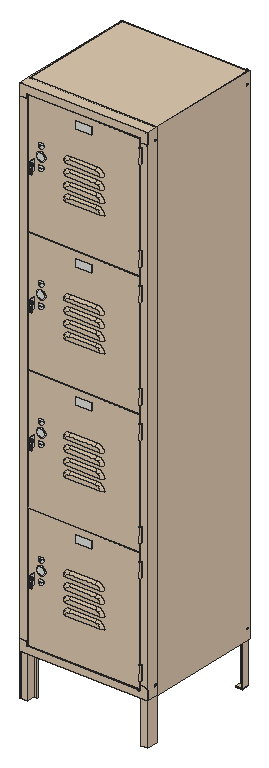
Revit family "Metal_Lockers-Salsbury_Industries-18_54000_Series-1_Wide_Units", category Specialty Equipment, Revit 2016
Family settings
  Part Type = Normal
  Round Connector Dimension = Use Diameter
  OmniClass Number = 23.40.00.00
  OmniClass Title = Equipment and Furnishings
  Work Plane-Based = No
  Always vertical = Yes
  Cut with Voids When Loaded = No
  Shared = No
  Room Calculation Point = No
Parameters (values of type "18-54168 - with Standard 6" High Legs")
  Zee Base Corner - Right Side [instance] = Metal Locker Zee Base Corner : None
  Zee Base Corner - Left Side [instance] = Metal Locker Zee Base Corner : None
  Zee Base - Right Side [instance] = Metal Locker Zee Base-Right Side : None
  Zee Base - Left Side [instance] = Metal Locker Zee Base-Left Side : None
  Zee Base = Metal Locker Zee Base : None
  Width = 18.040"
  Version = "2.0 (02/28/18)"
  Unit Height including Sloping Hood Only [instance] = 82.739"
  Unit Height = 72.000"
  URL = "www.lockers.com"
  Type Comments = "18\" Wide Standard Metal Locker - Four Tier"
  Total Door(s) Height [instance] = 69.81949"
  Sloping Top In-Line Filler - Right Side [instance] = Metal Locker Sloping Top Filler : None
  Sloping Top In-Line Filler - Left Side [instance] = Metal Locker Sloping Top Filler : None
  Sloping Top Corner Filler - Right Side [instance] = Metal Locker Sloping Corner Filler : None
  Sloping Top Corner Filler - Left Side [instance] = Metal Locker Sloping Corner Filler : None
  Sloping Hood Height = if(Depth = 18.010", 10.739", if(Depth = 21.010", 12.796", 0.000"))  # 10.739"
  Sloping Hood [instance] = Metal Locker Sloping Hood : None
  Sloping Corner Filler Offset = if(Base Height = 6.000", 77.680", if(Base Height = 4.000", 75.680", if(Base Height = 0.000", 71.680", 0.000")))  # 77.680"
  Right Side Base [instance] = Metal Locker Right Side Base : None
  Primary Structure Material [instance] = Paint - Salsbury Finish - Tan
  Overall Width including Rivets [instance] = 18.120"
  Unit Height including Base Only [instance] = 78.000"
  Overall Unit Height (including Base and Sloping Hood) [instance] = 88.739"
  OmniClass 23 Title = "Equipment and Furnishings"
  OmniClass 23 Number = "23.40.00.00"
  Model = "18-54168"
  MasterFormat Title = "Lockers"
  MasterFormat Number = "10 51 13"
  Manufacturer = "Salsbury Industries"
  Left Side Base [instance] = Metal Locker Left Side Base : None
  Individual Door Height = 17.360"
  Hasp Plate Rivet Material = Steel -Salsbury Finish - Polished Steel
  Hasp Handle Material = Plastic - Salsbury Finish - Black
  Front Vertical Filler - Right [instance] = Metal Locker Front Filler : None
  Front Vertical Filler - Left [instance] = Metal Locker Front Filler : None
  Front Base [instance] = Metal Locker Front Base : None
  Flat Top In-Line Filler - Right Side [instance] = Metal Locker Flat Top Filler : None
  Flat Top In-Line Filler - Left Side [instance] = Metal Locker Flat Top Filler : None
  Flat Top Corner Filler - Right Side [instance] = Metal Locker Flat Corner Filler : None
  Flat Top Corner Filler - Left Side [instance] = Metal Locker Flat Corner Filler : None
  Individual Door Width [instance] = 15.90055"
  End Panel - Right Side [instance] = Metal Locker End Panel : None
  End Panel - Left Side [instance] = Metal Locker End Panel : None
  Door Location D1 = Metal Locker Doors-18 inch with Latch Hasps : Four Tier Door - 6 foot
  Description = "1 Wide - 6 Feet High - 18 Inches Deep"
  Depth = 18.010"
  Compartment Divider Height = Individual Door Height - 0.375"  # 16.985"
  Base Height = 6.000"
  Standard Leg Base = Metal Locker Legs : 6" High - 18"W x 18"D
  Assembly Code = "C1030310"
Reference planes (in)
  plane 1 "Center (Front/Back)": y = 0
  plane 2: z = 0
  plane 3 "Center (Left/Right)": x = 0
  plane 4 "Floor": z = 0
  plane 5 "Bottom of Unit": z = 6
  plane 6 "Top of Unit": z = 78
  plane 7 "Left Side of Unit": x = -9.02
  plane 8 "Right Side of Unit": x = 9.02
  plane 9 "Back of Unit": y = 9.005
  plane 10 "Front of Unit": y = -9.005
  plane 11 "Top of Sloping Hood": z = 88.739
  plane 12 "Left Rivet": x = -9.06
  plane 13 "Right Rivet": x = 9.06
  plane 14 "Right Side of Door Opening": x = 8.02
  plane 15 "Left Side of Door Opening": x = -8.02
  plane 16 "Top of Door Opening": z = 77
  plane 17 "Bottom of Door Opening": z = 7
  plane 18 "Back Edge of Front Facing": y = -7.417
  plane 19 "Front Plate Plane": y = -9.065
  plane 20 "Horizontal Center of Top Rivets": z = 76.5
  plane 21 "Horiz Center of Bottom Rivets": z = 7.5
  plane 22 "Vertical Center of Back Rivets": y = 8.505
  plane 23 "Vertical Center of Front Rivets": y = -7.755
  plane 24 "Right Align Top Filler Overlap": x = 8.435
  plane 25 "Left Align Top Filler Overlap": x = -8.435
  plane 26 "Corner Filler Align-Left": x = -9.08
  plane 27 "Corner Filler Align-Right": x = 9.08
  plane 28 "Left Side of Door": x = -7.95029
  plane 29 "Right Side of Door": x = 7.95026
  plane 30 "Top of Door 1": z = 76.90976
  plane 31 "Bottom of Bottom Door": z = 7.09027
  plane 32 "Zee Base Offset": x = -8.669
  plane 33: x = 8.669
  plane 34 "Compartment Align 3": z = 24.985
  plane 35: x = -8.96
  plane 36: x = 8.96
  plane 37: x = -8.635
  plane 38: x = 8.635
  plane 39: y = 8.945
  plane 40: y = 8.895
  plane 41: y = 8.145
  plane 42: x = -8.9
  plane 43: x = 8.9
  plane 44: x = -8.095
  plane 45: x = 8.095
  plane 46: z = 77.94
  plane 47: z = 24.925
  plane 48: z = 23.985
  plane 49: z = 6.9204
  plane 50: z = 6.18539
  plane 51: z = 76.40796
  plane 52: z = 7.59204
  plane 53: z = 23.985
  plane 54: z = 24.45027
  plane 55: z = 24.57576
  plane 56: z = 41.93576
  plane 57: z = 42.06276
  plane 58: z = 41.43527
  plane 59: z = 42.37527
  plane 60 "Compartment Align 2": z = 42.43527
  plane 61: z = 53.72076
  plane 62: z = 59.42276
  plane 63: z = 59.54976
  plane 64: z = 58.92076
  plane 65: z = 59.86076
  plane 66 "Compartment Align 1": z = 59.92076
  plane 67: z = 71.20625
Forms (in)
  Sweep 1, solid, material "Paint - Salsbury Finish - Tan" <- "Primary Structure Material"
    path origin (0, -9.005, 0) x (1, 0, 0) y (0, 0, 1)
      loop
        line (-9.02, 78) -> (-9.02, 6) -> (9.02, 6) -> (9.02, 78) -> (-9.02, 78)
    profile origin (0, -9.005, 78) x (0, 0, 1) y (0, -1, 0)
      loop
        line (0, 0) -> (-1, 0) -> (-1, -1.588) -> (0, -1.588) -> (0, 0)
  Extrusion 2, solid, material "Paint - Salsbury Finish - Tan" <- "Primary Structure Material"
    sketch origin (0, 0, 6) x (0, -1, 0) y (1, 0, 0)
      loop
        line (7.417, 9.02) -> (-9.005, 9.02) -> (-9.005, 8.635) -> (-8.945, 8.635) -> (-8.945, 8.96) -> (7.417, 8.96) -> (7.417, 9.02)
    from 0 to 72
  Extrusion 3, solid, material "Paint - Salsbury Finish - Tan" <- "Primary Structure Material"
    sketch origin (0, 0, 6) x (0, -1, 0) y (1, 0, 0)
      loop
        line (7.417, -9.02) -> (7.417, -8.96) -> (-8.945, -8.96) -> (-8.945, -8.635) -> (-9.005, -8.635) -> (-9.005, -9.02) -> (7.417, -9.02)
    from 0 to 72
  Extrusion 4, solid, material "Paint - Salsbury Finish - Tan" <- "Primary Structure Material"
    sketch origin (0, 0, 6) x (0, -1, 0) y (1, 0, 0)
      loop
        line (-8.945, -8.96) -> (-8.145, -8.96) -> (-8.145, -8.9) -> (-8.895, -8.9) -> (-8.895, 8.9) -> (-8.145, 8.9) -> (-8.145, 8.96) -> (-8.945, 8.96) -> (-8.945, -8.96)
    from 0 to 72
  Sweep 5, solid, material "Paint - Salsbury Finish - Tan" <- "Primary Structure Material"
    path origin (0, 0, 7) x (0, -1, 0) y (1, 0, 0)
      loop
        line (7.417, -8.96) -> (7.417, 8.96) -> (-8.145, 8.96) -> (-8.145, 8.9) -> (-8.895, 8.9) -> (-8.895, -8.9) -> (-8.145, -8.9) -> (-8.145, -8.96) -> (7.417, -8.96)
    profile origin (-8.96, 0.364, 7) x (-1, 0, 0) y (0, 0, 1)
      loop
        line (0, -0.81461) -> (0, -0.0796) -> (-0.06, -0.0796) -> (-0.06, -0.81461) -> (0, -0.81461)
  Extrusion 6, solid, material "Paint - Salsbury Finish - Tan" <- "Primary Structure Material"
    sketch origin (0, 0, 7) x (0, -1, 0) y (1, 0, 0)
      loop
        line (-8.895, -8.9) -> (-8.145, -8.9) -> (-8.145, -8.96) -> (7.417, -8.96) -> (7.417, 8.96) -> (-8.145, 8.96) -> (-8.145, 8.9) -> (-8.895, 8.9) -> (-8.895, -8.9)
    from -0.0796 to 0
  Extrusion 7, solid, material "Paint - Salsbury Finish - Tan" <- "Primary Structure Material"
    sketch origin (0, 0, 78) x (0, -1, 0) y (1, 0, 0)
      loop
        line (-8.895, -8.9) -> (-8.145, -8.9) -> (-8.145, -8.96) -> (7.417, -8.96) -> (7.417, 8.96) -> (-8.145, 8.96) -> (-8.145, 8.9) -> (-8.895, 8.9) -> (-8.895, -8.9)
    from -0.06 to 0
  Extrusion 8, solid, material "Paint - Salsbury Finish - Tan" <- "Primary Structure Material"
    sketch origin (0, -9.065, 0) x (0, 0, -1) y (1, 0, 0)
      loop
        line (-78, -9.02) -> (-76.47656, -9.02)
        arc (-76.47656, -9.02) -> (-76.42806, -8.99991) -> (-76.40796, -8.9514) r 0.0686
        line (-76.40796, -8.9514) -> (-76.40796, -8.16351)
        arc (-76.40796, -8.16351) -> (-76.42809, -8.11506) -> (-76.47656, -8.095) r 0.0686
        line (-76.47656, -8.095) -> (-77, -8.095) -> (-77, 8.095) -> (-76.47656, 8.095)
        arc (-76.47656, 8.095) -> (-76.42809, 8.11506) -> (-76.40796, 8.16351) r 0.0686
        line (-76.40796, 8.16351) -> (-76.40796, 8.9514)
        arc (-76.40796, 8.9514) -> (-76.42806, 8.99991) -> (-76.47656, 9.02) r 0.0686
        line (-76.47656, 9.02) -> (-78, 9.02) -> (-78, -9.02)
    from -0.06 to 0
  Extrusion 9, solid, material "Paint - Salsbury Finish - Tan" <- "Primary Structure Material"
    sketch origin (0, -9.065, 84) x (0, 0, 1) y (-1, 0, 0)
      loop
        line (-78, 9.02) -> (-78, -9.02) -> (-76.47656, -9.02)
        arc (-76.47656, -9.02) -> (-76.42806, -8.99991) -> (-76.40796, -8.9514) r 0.0686
        line (-76.40796, -8.9514) -> (-76.40796, -8.16351)
        arc (-76.40796, -8.16351) -> (-76.42809, -8.11506) -> (-76.47656, -8.095) r 0.0686
        line (-76.47656, -8.095) -> (-77, -8.095) -> (-77, 8.095) -> (-76.47656, 8.095)
        arc (-76.47656, 8.095) -> (-76.42809, 8.11506) -> (-76.40796, 8.16351) r 0.0686
        line (-76.40796, 8.16351) -> (-76.40796, 8.9514)
        arc (-76.40796, 8.9514) -> (-76.42806, 8.99991) -> (-76.47656, 9.02) r 0.0686
        line (-76.47656, 9.02) -> (-78, 9.02)
    from -0.06 to 0
  Blend 10, solid, material "Steel -Salsbury Finish - Polished Steel" <- "Hasp Plate Rivet Material"
    base sketch origin (9.02, 0, 0) x (0, 0, -1) y (0, -1, 0)
      loop
        circle (-76.5, 7.755) r 0.187
    top sketch origin (9.02, 0, 0) x (0, 0, -1) y (0, -1, 0)
      loop
        circle (-76.5, 7.755) r 0.05319
    from 0 to -0.04
  Blend 11, solid, material "Steel -Salsbury Finish - Polished Steel" <- "Hasp Plate Rivet Material"
    base sketch origin (9.02, 0, -69) x (0, 0, -1) y (0, -1, 0)
      loop
        circle (-76.5, 7.755) r 0.187
    top sketch origin (9.02, 0, -69) x (0, 0, -1) y (0, -1, 0)
      loop
        circle (-76.5, 7.755) r 0.05319
    from 0 to -0.04
  Blend 12, solid, material "Steel -Salsbury Finish - Polished Steel" <- "Hasp Plate Rivet Material"
    base sketch origin (9.02, 10.26, -69) x (0, 0, -1) y (0, -1, 0)
      loop
        circle (-76.5, 1.755) r 0.187
    top sketch origin (9.02, 10.26, -69) x (0, 0, -1) y (0, -1, 0)
      loop
        circle (-76.5, 1.755) r 0.05319
    from 0 to -0.04
  Blend 13, solid, material "Steel -Salsbury Finish - Polished Steel" <- "Hasp Plate Rivet Material"
    base sketch origin (9.02, 10.26, 0.0043) x (0, 0, -1) y (0, -1, 0)
      loop
        circle (-76.5, 1.755) r 0.187
    top sketch origin (9.02, 10.26, 0.0043) x (0, 0, -1) y (0, -1, 0)
      loop
        circle (-76.5, 1.755) r 0.05319
    from 0 to -0.04
  Blend 14, solid, material "Steel -Salsbury Finish - Polished Steel" <- "Hasp Plate Rivet Material"
    base sketch origin (-6.02, 0, -69) x (0, 0, -1) y (0, 1, 0)
      loop
        circle (-76.5, -7.755) r 0.187
    top sketch origin (-6.02, 0, -69) x (0, 0, -1) y (0, 1, 0)
      loop
        circle (-76.5, -7.755) r 0.05319
    from -3 to -3.04
  Blend 15, solid, material "Steel -Salsbury Finish - Polished Steel" <- "Hasp Plate Rivet Material"
    base sketch origin (-6.02, 10.26, -69) x (0, 0, -1) y (0, 1, 0)
      loop
        circle (-76.5, -1.755) r 0.187
    top sketch origin (-6.02, 10.26, -69) x (0, 0, -1) y (0, 1, 0)
      loop
        circle (-76.5, -1.755) r 0.05319
    from -3 to -3.04
  Blend 16, solid, material "Steel -Salsbury Finish - Polished Steel" <- "Hasp Plate Rivet Material"
    base sketch origin (-6.02, 0, 0) x (0, 0, -1) y (0, 1, 0)
      loop
        circle (-76.5, -7.755) r 0.187
    top sketch origin (-6.02, 0, 0) x (0, 0, -1) y (0, 1, 0)
      loop
        circle (-76.5, -7.755) r 0.05319
    from -3 to -3.04
  Blend 17, solid, material "Steel -Salsbury Finish - Polished Steel" <- "Hasp Plate Rivet Material"
    base sketch origin (-6.02, 10.26, 0.00039) x (0, 0, -1) y (0, 1, 0)
      loop
        circle (-76.5, -1.755) r 0.187
    top sketch origin (-6.02, 10.26, 0.00039) x (0, 0, -1) y (0, 1, 0)
      loop
        circle (-76.5, -1.755) r 0.05319
    from -3 to -3.04
  Extrusion 18, solid, material "Paint - Salsbury Finish - Tan" <- "Primary Structure Material"
    sketch origin (0, 0, 24.985) x (0, -1, 0) y (1, 0, 0)
      loop
        line (-8.895, -8.9) -> (-8.145, -8.9) -> (-8.145, -8.96) -> (7.417, -8.96) -> (7.417, 8.96) -> (-8.145, 8.96) -> (-8.145, 8.9) -> (-8.895, 8.9) -> (-8.895, -8.9)
    from -0.06 to 0
  Sweep 19, solid, material "Paint - Salsbury Finish - Tan" <- "Primary Structure Material"
    path origin (0, 0, 24.985) x (0, -1, 0) y (1, 0, 0)
      loop
        line (7.417, -8.96) -> (7.417, 8.96) -> (-8.145, 8.96) -> (-8.145, 8.9) -> (-8.895, 8.9) -> (-8.895, -8.9) -> (-8.145, -8.9) -> (-8.145, -8.96) -> (7.417, -8.96)
    profile origin (-8.96, 0.364, 24.985) x (-1, 0, 0) y (0, 0, 1)
      loop
        line (0, -1) -> (0, -0.06) -> (-0.06, -0.06) -> (-0.06, -1) -> (0, -1)
  Extrusion 20, solid, material "Paint - Salsbury Finish - Tan" <- "Primary Structure Material"
    sketch origin (0, 0, 54.72076) x (0, -1, 0) y (1, 0, 0)
      loop
        line (-8.895, -8.9) -> (-8.145, -8.9) -> (-8.145, -8.96) -> (7.417, -8.96) -> (7.417, 8.96) -> (-8.145, 8.96) -> (-8.145, 8.9) -> (-8.895, 8.9) -> (-8.895, -8.9)
    from -12.34549 to -12.28549
  Sweep 21, solid, material "Paint - Salsbury Finish - Tan" <- "Primary Structure Material"
    path origin (0, 0, 42.43527) x (0, -1, 0) y (1, 0, 0)
      loop
        line (7.417, -8.96) -> (7.417, 8.96) -> (-8.145, 8.96) -> (-8.145, 8.9) -> (-8.895, 8.9) -> (-8.895, -8.9) -> (-8.145, -8.9) -> (-8.145, -8.96) -> (7.417, -8.96)
    profile origin (-8.96, 0.364, 42.43527) x (-1, 0, 0) y (0, 0, 1)
      loop
        line (0, -1) -> (0, -0.06) -> (-0.06, -0.06) -> (-0.06, -1) -> (0, -1)
  Extrusion 22, solid, material "Paint - Salsbury Finish - Tan" <- "Primary Structure Material"
    sketch origin (0, 0, 59.92076) x (0, -1, 0) y (1, 0, 0)
      loop
        line (-8.895, -8.9) -> (-8.145, -8.9) -> (-8.145, -8.96) -> (7.417, -8.96) -> (7.417, 8.96) -> (-8.145, 8.96) -> (-8.145, 8.9) -> (-8.895, 8.9) -> (-8.895, -8.9)
    from -0.06 to 0
  Sweep 23, solid, material "Paint - Salsbury Finish - Tan" <- "Primary Structure Material"
    path origin (0, 0, 59.92076) x (0, -1, 0) y (1, 0, 0)
      loop
        line (7.417, -8.96) -> (7.417, 8.96) -> (-8.145, 8.96) -> (-8.145, 8.9) -> (-8.895, 8.9) -> (-8.895, -8.9) -> (-8.145, -8.9) -> (-8.145, -8.96) -> (7.417, -8.96)
    profile origin (-8.96, 0.364, 59.92076) x (-1, 0, 0) y (0, 0, 1)
      loop
        line (0, -1) -> (0, -0.06) -> (-0.06, -0.06) -> (-0.06, -1) -> (0, -1)
Lines and regions (in)
  reference lines
    curve 1: line (-32.59242, -9.065, 78) -> (39.15758, -9.065, 78)
  symbolic lines
    curve 2: line (-9.02, 9.005, 78) -> (9.02, 9.005, 78)
    curve 3: line (-9.02, -9.065, 78) -> (-9.02, 9.005, 78)
    curve 4: line (9.02, -9.065, 78) -> (-9.02, -9.065, 78)
    curve 5: line (9.02, 9.005, 78) -> (9.02, -9.065, 78)
    curve 6: line (-9.06, -7.80819, 78) -> (-9.02, -7.94291, 78)
    curve 7: line (-9.02, -7.57792, 78) -> (-9.06, -7.70181, 78)
    curve 8: line (-9.06, -7.80819, 78) -> (-9.06, -7.70181, 78)
    curve 9: line (-9.06, 8.45181, 78) -> (-9.02, 8.3182, 78)
    curve 10: line (-9.06, 8.55819, 78) -> (-9.02, 8.69168, 78)
    curve 11: line (-9.06, 8.55819, 78) -> (-9.06, 8.45181, 78)
    curve 12: line (9.06, 8.55819, 78) -> (9.02, 8.70747, 78)
    curve 13: line (9.06, 8.45181, 78) -> (9.02, 8.3179, 78)
    curve 14: line (9.06, 8.55819, 78) -> (9.06, 8.45181, 78)
    curve 15: line (9.06, -7.70181, 78) -> (9.02, -7.57098, 78)
    curve 16: line (9.06, -7.80819, 78) -> (9.02, -7.94769, 78)
    curve 17: line (9.06, -7.70181, 78) -> (9.06, -7.80819, 78)
Dimensions and locks (in)
  equal spacing: plane 7 "Left Side of Unit", plane 3 "Center (Left/Right)", plane 8 "Right Side of Unit"
  "Width": plane 7 "Left Side of Unit" to plane 8 "Right Side of Unit"
  "Base Height": plane 5 "Bottom of Unit" to plane 4 "Floor"
  "Unit Height": plane 6 "Top of Unit" to plane 5 "Bottom of Unit"
  "Unit Height including Base Only": plane 6 "Top of Unit" to plane 4 "Floor"
  equal spacing: plane 10 "Front of Unit", plane 1 "Center (Front/Back)", plane 9 "Back of Unit"
  "Depth": plane 10 "Front of Unit" to plane 9 "Back of Unit"
  "Sloping Hood Height": plane 11 "Top of Sloping Hood" to plane 6 "Top of Unit"
  "Overall Unit Height (including Base and Sloping Hood)": plane 11 "Top of Sloping Hood" to plane 4 "Floor"
  locked: plane 12 "Left Rivet" to plane 7 "Left Side of Unit" at 0.04
  locked: plane 8 "Right Side of Unit" to plane 13 "Right Rivet" at 0.04
  "Overall Width including Rivets": plane 12 "Left Rivet" to plane 13 "Right Rivet"
  plane 6 "Top of Unit" to plane 16 "Top of Door Opening" to plane 30 "Top of Door 1" to plane 51 = 1.000" locked, 0.09024", 0.5018"
  plane 52 to plane 31 "Bottom of Bottom Door" to plane 17 "Bottom of Door Opening" to plane 5 "Bottom of Unit" = 0.50177", 0.09027", 1.000" locked
  plane 7 "Left Side of Unit" to plane 15 "Left Side of Door Opening" to plane 28 "Left Side of Door" = 1.000" locked, 0.06971"
  plane 29 "Right Side of Door" to plane 14 "Right Side of Door Opening" to plane 8 "Right Side of Unit" = 0.06974", 1.000" locked
  plane 19 "Front Plate Plane" to plane 10 "Front of Unit" to plane 18 "Back Edge of Front Facing" = 0.060" locked, 1.588" locked
  "Unit Height including Sloping Hood Only": plane 11 "Top of Sloping Hood" to plane 5 "Bottom of Unit"
  locked: plane 20 "Horizontal Center of Top Rivets" to plane 6 "Top of Unit" at 1.5
  locked: plane 5 "Bottom of Unit" to plane 21 "Horiz Center of Bottom Rivets" at 1.5
  locked: plane 22 "Vertical Center of Back Rivets" to plane 9 "Back of Unit" at 0.5
  locked: plane 10 "Front of Unit" to plane 23 "Vertical Center of Front Rivets" at 1.25
  locked: plane 24 "Right Align Top Filler Overlap" to plane 13 "Right Rivet" at 0.625
  locked: plane 12 "Left Rivet" to plane 25 "Left Align Top Filler Overlap" at 0.625
  locked: plane 8 "Right Side of Unit" to plane 27 "Corner Filler Align-Right" at 0.06
  locked: plane 26 "Corner Filler Align-Left" to plane 7 "Left Side of Unit" at 0.06
  "Individual Door Width": plane 28 "Left Side of Door" to plane 29 "Right Side of Door"
  "Total Door(s) Height": plane 30 "Top of Door 1" to plane 31 "Bottom of Bottom Door"
  plane 7 "Left Side of Unit" to plane 32 "Zee Base Offset" = 0.351"
  plane 33 to plane 8 "Right Side of Unit" = 0.351"
  plane 34 "Compartment Align 3" to plane 47 to plane 53 = 0.060" locked, 0.940" locked
  plane 7 "Left Side of Unit" to plane 35 to plane 42 to plane 37 = 0.060" locked, 0.060" locked, 0.265" locked
  plane 38 to plane 43 to plane 36 to plane 8 "Right Side of Unit" = 0.265" locked, 0.060", 0.060"
  plane 41 to plane 40 to plane 39 to plane 9 "Back of Unit" = 0.750" locked, 0.050", 0.060"
  locked: plane 7 "Left Side of Unit" to plane 44 at 0.925
  locked: plane 45 to plane 8 "Right Side of Unit" at 0.925
  locked: plane 6 "Top of Unit" to plane 46 at 0.06
  plane 47 to plane 48 = 0.940"
  locked: plane 17 "Bottom of Door Opening" to plane 49 at 0.0796
  plane 49 to plane 50 = 0.73501"
  "Compartment Divider Height": plane 53 to plane 17 "Bottom of Door Opening"
  "Individual Door Height": plane 54 to plane 31 "Bottom of Bottom Door"
  locked: plane 55 to plane 54 at 0.12549
  locked: plane 57 to plane 56 at 0.127
  "Individual Door Height": plane 56 to plane 55
  plane 60 "Compartment Align 2" to plane 59 to plane 58 = 0.060" locked, 0.940" locked
  locked: plane 63 to plane 62 at 0.127
  "Individual Door Height": plane 62 to plane 57
  "Compartment Divider Height": plane 58 to plane 54
  "Compartment Divider Height": plane 64 to plane 56
  plane 66 "Compartment Align 1" to plane 65 to plane 64 = 0.060", 0.940"
  aligned and locked: level to plane 2
  aligned and locked: Extrusion 2 to plane 6 "Top of Unit"
  aligned and locked: Extrusion 3 to plane 6 "Top of Unit"
  aligned and locked: Extrusion 4 to plane 6 "Top of Unit"
  aligned and locked: Extrusion 8 to plane 10 "Front of Unit"
  aligned and locked: Extrusion 9 to plane 10 "Front of Unit"
  aligned and locked: Extrusion 6 to plane 17 "Bottom of Door Opening"
  aligned and locked: plane 4 "Floor" to nested 2
  aligned and locked: plane 5 "Bottom of Unit" to Extrusion 9
  aligned and locked: plane 8 "Right Side of Unit" to nested 6
  aligned and locked: plane 7 "Left Side of Unit" to nested 7
  aligned and locked: Blend 10 to plane 13 "Right Rivet"
  aligned and locked: plane 8 "Right Side of Unit" to Blend 10
  aligned and locked: Blend 15 to plane 7 "Left Side of Unit"
  aligned and locked: Blend 14 to plane 7 "Left Side of Unit"  (x2)
  aligned and locked: plane 12 "Left Rivet" to Blend 14
  aligned and locked: plane 12 "Left Rivet" to Blend 15
  aligned and locked: Blend 14 to plane 12 "Left Rivet"
  aligned and locked: Blend 17 to plane 7 "Left Side of Unit"
  aligned and locked: plane 12 "Left Rivet" to Blend 17
  aligned and locked: Blend 16 to plane 7 "Left Side of Unit"
  aligned and locked: plane 12 "Left Rivet" to Blend 16
  aligned and locked: plane 5 "Bottom of Unit" to nested 10
  aligned and locked: plane 13 "Right Rivet" to nested 10
  aligned and locked: plane 12 "Left Rivet" to nested 11
  aligned and locked: nested 11 to plane 10 "Front of Unit"
  aligned and locked: plane 13 "Right Rivet" to nested 12
  aligned and locked: plane 10 "Front of Unit" to nested 12
  aligned and locked: plane 6 "Top of Unit" to nested 12
  aligned and locked: plane 12 "Left Rivet" to nested 13
  aligned and locked: plane 10 "Front of Unit" to nested 13
  aligned and locked: plane 6 "Top of Unit" to nested 13
  aligned and locked: plane 6 "Top of Unit" to nested 14
  aligned and locked: nested 14 to plane 19 "Front Plate Plane"
  aligned and locked: nested 14 to plane 24 "Right Align Top Filler Overlap"
  aligned and locked: nested 15 to plane 25 "Left Align Top Filler Overlap"
  aligned and locked: nested 15 to plane 19 "Front Plate Plane"
  aligned and locked: nested 10 to nested 15
  aligned and locked: plane 19 "Front Plate Plane" to nested 16
  aligned and locked: plane 6 "Top of Unit" to nested 16
  aligned and locked: nested 17 to plane 6 "Top of Unit"
  aligned and locked: nested 17 to plane 19 "Front Plate Plane"
  aligned and locked: plane 19 "Front Plate Plane" to nested 18
  aligned and locked: nested 19 to plane 24 "Right Align Top Filler Overlap"
  aligned and locked: nested 19 to plane 19 "Front Plate Plane"
  aligned and locked: plane 16 "Top of Door Opening" to nested 19
  aligned and locked: nested 20 to plane 16 "Top of Door Opening"
  aligned and locked: nested 20 to plane 25 "Left Align Top Filler Overlap"
  aligned and locked: nested 20 to plane 19 "Front Plate Plane"
  aligned and locked: nested 11 to plane 6 "Top of Unit"
  aligned and locked: plane 10 "Front of Unit" to nested 10
  aligned and locked: plane 10 "Front of Unit" to nested 22
  aligned and locked: plane 10 "Front of Unit" to nested 1
  aligned and locked: plane 10 "Front of Unit" to nested 2
  aligned and locked: plane 6 "Top of Unit" to nested 18
  aligned and locked: plane 7 "Left Side of Unit" to nested 17
  aligned and locked: plane 32 "Zee Base Offset" to nested 9
  aligned and locked: plane 18 "Back Edge of Front Facing" to nested 9
  aligned and locked: nested 8 to plane 18 "Back Edge of Front Facing"
  aligned and locked: plane 33 to nested 8
  aligned and locked: Sweep 19 sketch curve to Extrusion 18
  aligned and locked: plane 7 "Left Side of Unit" to Extrusion 3
  aligned and locked: Extrusion 3 to plane 9 "Back of Unit"
  aligned and locked: Extrusion 2 to plane 8 "Right Side of Unit"
  aligned and locked: Extrusion 2 to plane 9 "Back of Unit"
  aligned and locked: plane 18 "Back Edge of Front Facing" to Extrusion 3
  aligned and locked: plane 18 "Back Edge of Front Facing" to Extrusion 2
  aligned and locked: plane 35 to Extrusion 3
  aligned and locked: Extrusion 2 to plane 36
  aligned and locked: plane 37 to Extrusion 3
  aligned and locked: Extrusion 2 to plane 38
  aligned and locked: Extrusion 3 to plane 39
  aligned and locked: plane 39 to Extrusion 2
  aligned and locked: Extrusion 4 to plane 39
  aligned and locked: Extrusion 4 to plane 40
  aligned and locked: Extrusion 4 to plane 35
  aligned and locked: Extrusion 4 to plane 41
  aligned and locked: plane 41 to Extrusion 4
  aligned and locked: plane 42 to Extrusion 4
  aligned and locked: plane 43 to Extrusion 4
  aligned and locked: Extrusion 7 to plane 40
  aligned and locked: plane 42 to Extrusion 7
  aligned and locked: Extrusion 7 to plane 35  (x2)
  aligned and locked: plane 41 to Extrusion 7
  aligned and locked: Extrusion 7 to plane 43
  aligned and locked: Extrusion 7 to plane 41
  aligned and locked: Extrusion 7 to plane 36  (x2)
  aligned and locked: plane 18 "Back Edge of Front Facing" to Extrusion 7
  aligned and locked: plane 18 "Back Edge of Front Facing" to Extrusion 6
  aligned and locked: Extrusion 6 to plane 40
  aligned and locked: Extrusion 6 to plane 43
  aligned and locked: Extrusion 6 to plane 41
  aligned and locked: Extrusion 6 to plane 36
  aligned and locked: plane 42 to Extrusion 6
  aligned and locked: plane 41 to Extrusion 6
  aligned and locked: Extrusion 6 to plane 35
  aligned and locked: Sweep 5 to plane 40
  aligned and locked: Sweep 5 to plane 41
  aligned and locked: Sweep 5 to plane 43
  aligned and locked: Sweep 5 to plane 36
  aligned and locked: plane 18 "Back Edge of Front Facing" to Sweep 5
  aligned and locked: Sweep 5 to plane 35
  aligned and locked: plane 41 to Sweep 5
  aligned and locked: plane 42 to Sweep 5
  aligned and locked: Sweep 5 sketch curve to plane 42
  aligned and locked: Sweep 5 sketch curve to plane 40
  aligned and locked: Sweep 5 sketch curve to plane 41
  aligned and locked: Sweep 5 sketch curve to plane 35  (x2)
  aligned and locked: plane 43 to Sweep 5 sketch curve
  aligned and locked: plane 41 to Sweep 5 sketch curve
  aligned and locked: Sweep 5 sketch curve to plane 36
  aligned and locked: Sweep 5 sketch curve to plane 18 "Back Edge of Front Facing"
  aligned and locked: Extrusion 18 to plane 40
  aligned and locked: Extrusion 18 to plane 43
  aligned and locked: Extrusion 18 to plane 41
  aligned and locked: Extrusion 18 to plane 36
  aligned and locked: plane 18 "Back Edge of Front Facing" to Extrusion 18
  aligned and locked: Extrusion 18 to plane 35
  aligned and locked: plane 41 to Extrusion 18
  aligned and locked: plane 42 to Extrusion 18
  aligned and locked: Sweep 19 sketch curve to plane 40
  aligned and locked: plane 43 to Sweep 19 sketch curve
  aligned and locked: plane 41 to Sweep 19 sketch curve
  aligned and locked: Sweep 19 sketch curve to plane 36
  aligned and locked: Sweep 19 sketch curve to plane 18 "Back Edge of Front Facing"
  aligned and locked: Sweep 19 sketch curve to plane 35  (x2)
  aligned and locked: Sweep 19 sketch curve to plane 41
  aligned and locked: Sweep 19 sketch curve to plane 42
  aligned and locked: plane 6 "Top of Unit" to Sweep 1 sketch curve  (x2)
  aligned and locked: Sweep 1 sketch curve to plane 7 "Left Side of Unit"
  aligned and locked: plane 8 "Right Side of Unit" to Sweep 1 sketch curve
  aligned and locked: Sweep 1 sketch curve to plane 5 "Bottom of Unit"
  aligned and locked: plane 10 "Front of Unit" to Sweep 1
  aligned and locked: Extrusion 8 to plane 19 "Front Plate Plane"
  aligned and locked: plane 10 "Front of Unit" to Extrusion 8
  aligned and locked: Extrusion 8 to plane 8 "Right Side of Unit"
  aligned and locked: plane 7 "Left Side of Unit" to Extrusion 8
  aligned and locked: plane 7 "Left Side of Unit" to Extrusion 9
  aligned and locked: plane 19 "Front Plate Plane" to Extrusion 9
  aligned and locked: Extrusion 9 to plane 8 "Right Side of Unit"
  aligned and locked: plane 44 to Extrusion 9
  aligned and locked: plane 45 to Extrusion 9
  aligned and locked: plane 45 to Extrusion 8
  aligned and locked: Extrusion 8 to plane 44
  aligned and locked: plane 29 "Right Side of Door" to nested 22
  aligned and locked: plane 18 "Back Edge of Front Facing" to Sweep 1 sketch curve
  aligned and locked: Sweep 1 sketch curve to plane 16 "Top of Door Opening"
  aligned and locked: Sweep 1 sketch curve to plane 10 "Front of Unit"
  aligned and locked: plane 5 "Bottom of Unit" to Extrusion 4
  aligned and locked: plane 36 to Extrusion 4
  aligned and locked: plane 5 "Bottom of Unit" to Extrusion 3
  aligned and locked: plane 5 "Bottom of Unit" to Extrusion 2
  aligned and locked: Extrusion 7 to plane 6 "Top of Unit"
  aligned and locked: plane 46 to Extrusion 7
  aligned and locked: Extrusion 18 to plane 34 "Compartment Align 3"
  aligned and locked: plane 47 to Extrusion 18
  aligned and locked: plane 42 to Sweep 19 sketch curve
  aligned and locked: plane 48 to Sweep 19 sketch curve
  aligned and locked: plane 49 to Extrusion 6
  aligned and locked: Sweep 5 to plane 49
  aligned and locked: Sweep 5 sketch curve to plane 50
  aligned and locked: plane 49 to Sweep 5 sketch curve
  aligned and locked: plane 42 to Sweep 5 sketch curve
  aligned and locked: plane 51 to Extrusion 8  (x2)
  aligned and locked: Extrusion 8 to plane 6 "Top of Unit"
  aligned and locked: plane 16 "Top of Door Opening" to Extrusion 8
  aligned and locked: Extrusion 9 to plane 17 "Bottom of Door Opening"
  aligned and locked: plane 52 to Extrusion 9
  aligned and locked: Extrusion 9 to plane 52
  aligned and locked: plane 4 "Floor" to nested 1
  aligned and locked: plane 8 "Right Side of Unit" to nested 1
  aligned and locked: Blend 12 to plane 13 "Right Rivet"
  aligned and locked: plane 8 "Right Side of Unit" to Blend 12
  aligned and locked: plane 8 "Right Side of Unit" to Blend 13
  aligned and locked: Blend 13 to plane 13 "Right Rivet"
  aligned and locked: plane 8 "Right Side of Unit" to Blend 11
  aligned and locked: Blend 11 to plane 13 "Right Rivet"
  aligned and locked: curve 4 to Extrusion 8
  aligned and locked: curve 5 to Extrusion 8
  aligned and locked: curve 8 to Blend 14
  aligned and locked: curve 11 to Blend 15
  aligned and locked: curve 14 to Blend 12
  aligned and locked: curve 17 to Blend 10
  aligned and locked: plane 53 to Sweep 19
  aligned and locked: nested 22 to plane 31 "Bottom of Bottom Door"
  aligned and locked: plane 55 to nested 23
  aligned and locked: plane 10 "Front of Unit" to nested 23
  aligned and locked: plane 29 "Right Side of Door" to nested 23
  aligned and locked: plane 29 "Right Side of Door" to nested 24
  aligned and locked: nested 24 to plane 57
  aligned and locked: Sweep 21 sketch curve to Extrusion 20
  aligned and locked: Extrusion 20 to plane 60 "Compartment Align 2"
  aligned and locked: plane 59 to Sweep 21
  aligned and locked: Sweep 21 sketch curve to plane 58
  aligned and locked: Extrusion 20 sketch curve to plane 40
  aligned and locked: Extrusion 20 sketch curve to plane 35
  aligned and locked: plane 42 to Extrusion 20 sketch curve
  aligned and locked: plane 41 to Extrusion 20 sketch curve
  aligned and locked: plane 18 "Back Edge of Front Facing" to Extrusion 20 sketch curve
  aligned and locked: Extrusion 20 sketch curve to plane 36
  aligned and locked: Extrusion 20 sketch curve to plane 43
  aligned and locked: Extrusion 20 sketch curve to plane 41
  aligned and locked: Sweep 21 sketch curve to plane 40
  aligned and locked: Sweep 21 sketch curve to plane 42
  aligned and locked: Sweep 21 sketch curve to plane 35
  aligned and locked: Sweep 21 sketch curve to plane 41
  aligned and locked: Sweep 21 sketch curve to plane 18 "Back Edge of Front Facing"
  aligned and locked: Sweep 21 sketch curve to plane 36
  aligned and locked: plane 41 to Sweep 21 sketch curve
  aligned and locked: plane 43 to Sweep 21 sketch curve
  aligned and locked: plane 63 to nested 25
  aligned and locked: plane 65 to Extrusion 22
  aligned and locked: Extrusion 22 to plane 66 "Compartment Align 1"
  aligned and locked: Sweep 23 sketch curve to plane 64
  aligned and locked: plane 65 to Sweep 23 sketch curve
  aligned and locked: Sweep 23 sketch curve to plane 35
  aligned and locked: Sweep 23 sketch curve to plane 41
  aligned and locked: Sweep 23 sketch curve to plane 42
  aligned and locked: Sweep 23 sketch curve to plane 40
  aligned and locked: plane 43 to Sweep 23 sketch curve
  aligned and locked: plane 41 to Sweep 23 sketch curve
  aligned and locked: Sweep 23 sketch curve to plane 36
  aligned and locked: Sweep 23 sketch curve to plane 18 "Back Edge of Front Facing"
  aligned and locked: Extrusion 22 to nested 5  (x2)
  aligned and locked: plane 41 to Extrusion 22
  aligned and locked: Extrusion 22 to Sweep 23  (x2)
  aligned and locked: plane 18 "Back Edge of Front Facing" to Extrusion 22
  aligned and locked: Extrusion 22 to plane 41
  aligned and locked: plane 29 "Right Side of Door" to nested 25
  aligned and locked: plane 10 "Front of Unit" to nested 25
  aligned and locked: plane 10 "Front of Unit" to nested 24
  aligned and locked: plane 9 "Back of Unit" to curve 2
  aligned and locked: plane 14 "Right Side of Door Opening" to nested 2
  aligned and locked: plane 8 "Right Side of Unit" to nested 16
  aligned and locked: nested 3 to plane 8 "Right Side of Unit"
  aligned and locked: plane 7 "Left Side of Unit" to nested 4
  aligned and locked: nested 21 to plane 7 "Left Side of Unit"
  aligned and locked: plane 8 "Right Side of Unit" to nested 26
Automatic sketch dimensions
  Extrusion 2 sketch curve to plane 8 "Right Side of Unit" = 0.000"
  plane 9 "Back of Unit" to Extrusion 2 sketch curve = 0.000"
  Extrusion 2 sketch curve to plane 38 = 0.000"
  plane 39 to Extrusion 2 sketch curve = 0.000"
  plane 18 "Back Edge of Front Facing" to Extrusion 2 sketch curve = 0.000"
  Extrusion 2 sketch curve to plane 36 = 0.000"
  Extrusion 3 sketch curve to plane 7 "Left Side of Unit" = 0.000"
  plane 9 "Back of Unit" to Extrusion 3 sketch curve = 0.000"
  Extrusion 3 sketch curve to plane 37 = 0.000"
  plane 39 to Extrusion 3 sketch curve = 0.000"
  plane 18 "Back Edge of Front Facing" to Extrusion 3 sketch curve = 0.000"
  Extrusion 3 sketch curve to plane 35 = 0.000"
  Extrusion 4 sketch curve to plane 35 = 0.000"
  plane 39 to Extrusion 4 sketch curve = 0.000"
  plane 40 to Extrusion 4 sketch curve = 0.000"
  plane 41 to Extrusion 4 sketch curve = 0.000"  (x2)
  Extrusion 4 sketch curve to plane 42 = 0.000"
  Extrusion 4 sketch curve to plane 43 = 0.000"
  Extrusion 4 sketch curve to plane 36 = 0.000"
  plane 40 to Extrusion 6 sketch curve = 0.000"
  Extrusion 6 sketch curve to plane 35 = 0.000"
  plane 41 to Extrusion 6 sketch curve = 0.000"  (x2)
  plane 18 "Back Edge of Front Facing" to Extrusion 6 sketch curve = 0.000"
  Extrusion 6 sketch curve to plane 42 = 0.000"
  Extrusion 6 sketch curve to plane 43 = 0.000"
  Extrusion 6 sketch curve to plane 36 = 0.000"
  plane 40 to Extrusion 7 sketch curve = 0.000"
  Extrusion 7 sketch curve to plane 35 = 0.000"
  plane 41 to Extrusion 7 sketch curve = 0.000"  (x2)
  plane 18 "Back Edge of Front Facing" to Extrusion 7 sketch curve = 0.000"
  Extrusion 7 sketch curve to plane 42 = 0.000"
  Extrusion 7 sketch curve to plane 43 = 0.000"
  Extrusion 7 sketch curve to plane 36 = 0.000"
  Extrusion 8 sketch curve to plane 6 "Top of Unit" = 0.000"
  Extrusion 8 sketch curve to plane 16 "Top of Door Opening" = 0.000"
  plane 44 to Extrusion 8 sketch curve = 0.000"
  plane 7 "Left Side of Unit" to Extrusion 8 sketch curve = 0.000"
  plane 45 to Extrusion 8 sketch curve = 0.000"
  plane 8 "Right Side of Unit" to Extrusion 8 sketch curve = 0.000"
  Extrusion 8 sketch curve to plane 51 = 0.000"  (x2)
  plane 20 "Horizontal Center of Top Rivets" to Extrusion 8 sketch curve = 0.02344"  (x4)
  Extrusion 8 sketch curve to Extrusion 8 sketch curve = 0.0686"
  Extrusion 8 sketch curve to plane 45 = 0.06851"
  Extrusion 9 sketch curve to plane 5 "Bottom of Unit" = 0.000"
  Extrusion 9 sketch curve to plane 17 "Bottom of Door Opening" = 0.000"
  plane 44 to Extrusion 9 sketch curve = 0.000"
  plane 7 "Left Side of Unit" to Extrusion 9 sketch curve = 0.000"
  plane 45 to Extrusion 9 sketch curve = 0.000"
  plane 8 "Right Side of Unit" to Extrusion 9 sketch curve = 0.000"
  Extrusion 9 sketch curve to plane 52 = 0.000"  (x2)
  plane 21 "Horiz Center of Bottom Rivets" to Extrusion 9 sketch curve = 0.02344"  (x4)
  Extrusion 9 sketch curve to Extrusion 9 sketch curve = 0.0686"
  plane 45 to Extrusion 9 sketch curve = 0.06851"
  plane 20 "Horizontal Center of Top Rivets" to Blend 10 sketch curve = 0.000"  (x2)
  Blend 10 sketch curve to plane 23 "Vertical Center of Front Rivets" = 0.000"  (x2)
  plane 21 "Horiz Center of Bottom Rivets" to Blend 11 sketch curve = 0.000"  (x2)
  Blend 11 sketch curve to plane 23 "Vertical Center of Front Rivets" = 0.000"  (x2)
  plane 21 "Horiz Center of Bottom Rivets" to Blend 12 sketch curve = 0.000"  (x2)
  Blend 12 sketch curve to plane 22 "Vertical Center of Back Rivets" = 0.000"  (x2)
  Blend 13 sketch curve to plane 22 "Vertical Center of Back Rivets" = 0.000"  (x2)
  Blend 13 sketch curve to plane 20 "Horizontal Center of Top Rivets" = 0.0043"  (x2)
  plane 21 "Horiz Center of Bottom Rivets" to Blend 14 sketch curve = 0.000"  (x2)
  Blend 14 sketch curve to plane 23 "Vertical Center of Front Rivets" = 0.000"  (x2)
  plane 21 "Horiz Center of Bottom Rivets" to Blend 15 sketch curve = 0.000"  (x2)
  Blend 15 sketch curve to plane 22 "Vertical Center of Back Rivets" = 0.000"  (x2)
  plane 20 "Horizontal Center of Top Rivets" to Blend 16 sketch curve = 0.000"  (x2)
  Blend 16 sketch curve to plane 23 "Vertical Center of Front Rivets" = 0.000"  (x2)
  Blend 17 sketch curve to plane 22 "Vertical Center of Back Rivets" = 0.000"  (x2)
  Blend 17 sketch curve to plane 20 "Horizontal Center of Top Rivets" = 0.00039"  (x2)
  plane 19 "Front Plate Plane" to curve 1 = 0.000"
  plane 26 "Corner Filler Align-Left" to curve 1 = 23.51242"
  curve 1 to plane 27 "Corner Filler Align-Right" = 30.07758"
  plane 40 to Extrusion 18 sketch curve = 0.000"
  Extrusion 18 sketch curve to plane 35 = 0.000"
  plane 41 to Extrusion 18 sketch curve = 0.000"  (x2)
  plane 18 "Back Edge of Front Facing" to Extrusion 18 sketch curve = 0.000"
  Extrusion 18 sketch curve to plane 42 = 0.000"
  Extrusion 18 sketch curve to plane 43 = 0.000"
  Extrusion 18 sketch curve to plane 36 = 0.000"
  Sweep 21 sketch curve to profile plane = 0.000"
  Sweep 21 sketch curve to Sweep 21 sketch curve = 0.060"
  Sweep 23 sketch curve to profile plane = 0.000"
  Sweep 23 sketch curve to Sweep 23 sketch curve = 0.060"
  plane 40 to Extrusion 22 sketch curve = 0.000"
  Extrusion 22 sketch curve to plane 35 = 0.000"
  plane 41 to Extrusion 22 sketch curve = 0.000"  (x2)
  Extrusion 22 sketch curve to plane 18 "Back Edge of Front Facing" = 0.000"
  Extrusion 22 sketch curve to plane 42 = 0.000"
  plane 43 to Extrusion 22 sketch curve = 0.000"
  plane 36 to Extrusion 22 sketch curve = 0.000"
  curve 10 to plane 7 "Left Side of Unit" = 0.000"
  curve 11 to plane 22 "Vertical Center of Back Rivets" = 0.05319"
  curve 14 to plane 22 "Vertical Center of Back Rivets" = 0.05319"
  plane 22 "Vertical Center of Back Rivets" to curve 9 = 0.05319"
  plane 22 "Vertical Center of Back Rivets" to curve 13 = 0.05319"
  curve 17 to plane 23 "Vertical Center of Front Rivets" = 0.05319"
  curve 8 to plane 23 "Vertical Center of Front Rivets" = 0.05319"
  plane 23 "Vertical Center of Front Rivets" to curve 8 = 0.05319"
  plane 23 "Vertical Center of Front Rivets" to curve 17 = 0.05319"
  curve 12 to curve 12 = 0.14928"
  curve 10 to curve 10 = 0.13349"
  curve 9 to curve 9 = 0.13361"
  curve 13 to curve 13 = 0.13391"
  curve 15 to curve 15 = 0.13083"
  curve 7 to curve 7 = 0.12389"
  curve 6 to curve 6 = 0.13472"
  curve 16 to curve 16 = 0.1395"
  radius of Blend 10 sketch curve = 0.187"
  radius of Blend 10 sketch curve = 0.05319"
  radius of Blend 11 sketch curve = 0.187"
  radius of Blend 11 sketch curve = 0.05319"
  radius of Blend 12 sketch curve = 0.187"
  radius of Blend 12 sketch curve = 0.05319"
  radius of Blend 13 sketch curve = 0.187"
  radius of Blend 13 sketch curve = 0.05319"
  radius of Blend 14 sketch curve = 0.187"
  radius of Blend 14 sketch curve = 0.05319"
  radius of Blend 15 sketch curve = 0.187"
  radius of Blend 15 sketch curve = 0.05319"
  radius of Blend 16 sketch curve = 0.187"
  radius of Blend 16 sketch curve = 0.05319"
  radius of Blend 17 sketch curve = 0.187"
  radius of Blend 17 sketch curve = 0.05319"
Nested families (in)
  nested 1: "Metal Locker Legs" at (0, 0, 0), type <- "Standard Leg Base", type "6" High - 18"W x 18"D"
  nested 2: "Metal Locker Front Base" at (3, -3, 0), type <- "Front Base", type "None"
  nested 3: "Metal Locker Right Side Base" at (3, 0.794, 0), type <- "Right Side Base", type "None"
  nested 4: "Metal Locker Left Side Base" at (-13.79, 0.794, 0), type <- "Left Side Base", type "None"
  nested 5: "Metal Locker Zee Base" at (-3, 3, 0), type <- "Zee Base", type "None"
  nested 6: "Metal Locker Zee Base-Right Side" at (3.03, 0.824, 0), type <- "Zee Base - Right Side", type "None"
  nested 7: "Metal Locker Zee Base-Left Side" at (-11.01, 0.824, 0), type <- "Zee Base - Left Side", type "None"
  nested 8: "Metal Locker Zee Base Corner" at (9.669, -8.417, 0), type <- "Zee Base Corner - Right Side", type "None"
  nested 9: "Metal Locker Zee Base Corner" at (-9.669, -8.417, 0) x (-1, 0, 0) z (0, 0, 1), type <- "Zee Base Corner - Left Side", type "None"
  nested 10: "Metal Locker End Panel" at (13.1925, -0.833, 6), type <- "End Panel - Right Side", type "None"
  nested 11: "Metal Locker End Panel" at (-13.1925, -0.833, 6) x (-1, 0, 0) z (0, 0, 1), type <- "End Panel - Left Side", type "None"
  nested 12: "Metal Locker Front Filler" at (21.155, -6.088, 0), type <- "Front Vertical Filler - Right", type "None"
  nested 13: "Metal Locker Front Filler" at (-11.965, -6.088, 0), type <- "Front Vertical Filler - Left", type "None"
  nested 14: "Metal Locker Flat Top Filler" at (21.155, -0.887, 77.045), type <- "Flat Top In-Line Filler - Right Side", type "None"
  nested 15: "Metal Locker Flat Top Filler" at (-11.965, -0.887, 77.045), type <- "Flat Top In-Line Filler - Left Side", type "None"
  nested 16: "Metal Locker Flat Corner Filler" at (19.3025, -1.2105, 78), type <- "Flat Top Corner Filler - Right Side", type "None"
  nested 17: "Metal Locker Flat Corner Filler" at (-19.3025, -1.2105, 78) x (-1, 0, 0) z (0, 0, 1), type <- "Flat Top Corner Filler - Left Side", type "None"
  nested 18: "Metal Locker Sloping Hood" at (4.595, -0.863, 78), type <- "Sloping Hood", type "None"
  nested 19: "Metal Locker Sloping Top Filler" at (21.155, -0.887, 78.028), type <- "Sloping Top In-Line Filler - Right Side", type "None"
  nested 20: "Metal Locker Sloping Top Filler" at (-11.965, -0.887, 78.028), type <- "Sloping Top In-Line Filler - Left Side", type "None"
  nested 21: "Metal Locker Sloping Corner Filler" at (-10.1475, 1.8245, 77.68), type <- "Sloping Top Corner Filler - Left Side", built-in parameter 1001364 <- "Sloping Corner Filler Offset", type "None"
  nested 22: "Metal Locker Doors-18 inch with Latch Hasps" at (-0.00024, -8.555, 7.09027), type <- "Door Location D1", type "Four Tier Door - 6 foot"
  nested 23: "Metal Locker Doors-18 inch with Latch Hasps" at (-0.00024, -8.555, 24.57576), type <- "Door Location D1", type "Four Tier Door - 6 foot"
  nested 24: "Metal Locker Doors-18 inch with Latch Hasps" at (-0.00024, -8.555, 42.06276), type <- "Door Location D1", type "Four Tier Door - 6 foot"
  nested 25: "Metal Locker Doors-18 inch with Latch Hasps" at (-0.00024, -8.555, 59.54976), type <- "Door Location D1", type "Four Tier Door - 6 foot"
  nested 26: "Metal Locker Sloping Corner Filler" at (10.1475, 1.8245, 77.68) x (-1, 0, 0) z (0, 0, 1), type <- "Sloping Top Corner Filler - Right Side", built-in parameter 1001364 <- "Sloping Corner Filler Offset", type "None"
Definition of nested family "Metal Locker Legs"
  Parameters (values of type "6" High - 18"W x 18"D")
    Width = 18.040"
    Visible = yes
    Version = "1.0 (11/30/15)"
    Type Comments = "Standard Metal Locker Legs"
    Primary Structure Material = none
    Model = "n/a"
    MasterFormat Title = ""
    MasterFormat Number = ""
    Manufacturer = "Salsbury Industries"
    Description = "18\"W x 6\" H x 18\"D"
    Depth = 18.010"
    Height = 6.000"
    Assembly Code = ""
  Types (9): name | Width | Visible | Type Comments | Description | Depth
    6" High - 12" W x 12" D | 12.040" | yes | "Standard Metal Locker Legs" | "12\"W x 6\" H x 12\"D" | 12.010"
    6" High - 12" W x 15" D | 12.040" | yes | "Standard Metal Locker Legs" | "12\"W x 6\" H x 15\"D" | 15.010"
    6" High - 12"W x 18"D | 12.040" | yes | "Standard Metal Locker Legs" | "12\"W x 6\" H x 18\"D" | 18.010"
    6" High - 15"W x 15"D | 15.040" | yes | "Standard Metal Locker Legs" | "15\"W x 6\" H x 15\"D" | 15.010"
    6" High - 15"W x 18"D | 15.040" | yes | "Standard Metal Locker Legs" | "15\"W x 6\" H x 18\"D" | 18.010"
    No Legs | 12.040" | no | "No Legs" | "" | 12.010"
    6" High - 12"W x 18"D - Bridge | 12.007" | yes | "Standard Metal Locker Legs - Bridge" | "12\"W x 6\" H x 18\"D" | 18.010"
    6" High - 18"W x 18"D | 18.040" | yes | "Standard Metal Locker Legs" | "18\"W x 6\" H x 18\"D" | 18.010"
    6" High - 18"W x 21"D | 18.040" | yes | "Standard Metal Locker Legs" | "18\"W x 6\" H x 21\"D" | 21.010"
  Reference planes (in)
    plane 1 "Center (Front/Back)": y = 0
    plane 2: z = 0
    plane 3 "Center (Left/Right)": x = 0
    plane 4 "Floor": z = 0
    plane 5 "Bottom of Unit": z = 6
    plane 6 "Left Side of Unit": x = -9.02
    plane 7 "Right Side of Unit": x = 9.02
    plane 8 "Back of Unit": y = 9.005
    plane 9 "Front of Unit": y = -9.005
    plane 10 "Right Side of Door Opening": x = 8.02
    plane 11 "Left Side of Door Opening": x = -8.02
    plane 12 "Top of back legs": z = 6.185
    plane 13 "Back Edge of Front Facing": y = -7.417
    plane 14 "Inside Edge of Front Leg": x = -7.58
    plane 15 "Inside Edge of Right Leg": x = 7.58
    plane 16: y = -7.82
    plane 17 "Back Edge of Rear Legs": y = 8.895
    plane 18 "Right Edge of Rear Right Leg": x = 8.9
    plane 19 "Left Edge or Rear Left Leg": x = -8.9
    plane 20: y = 7.895
    plane 21 "Inside Edge or Rear Right Leg": x = 7.9
    plane 22 "Inside Edge or Left Rear Leg": x = -7.9
  Forms (in)
    Extrusion 1, solid, material <- "Primary Structure Material", visible <- "Visible"
      sketch origin (0, 0, 0) x (0, -1, 0) y (1, 0, 0)
        loop
          line (7.417, 9.02) -> (7.417, 8.96) -> (8.945, 8.96) -> (8.945, 8.08) -> (7.76, 8.08) -> (7.76, 7.58) -> (7.82, 7.58) -> (7.82, 8.02) -> (9.005, 8.02) -> (9.005, 9.02) -> (7.417, 9.02)
      from 0 to 6
    Extrusion 2, solid, material <- "Primary Structure Material", visible <- "Visible"
      sketch origin (0, 0, 0) x (0, -1, 0) y (1, 0, 0)
        loop
          line (7.417, -9.02) -> (9.005, -9.02) -> (9.005, -8.02) -> (7.82, -8.02) -> (7.82, -7.58) -> (7.76, -7.58) -> (7.76, -8.08) -> (8.945, -8.08) -> (8.945, -8.96) -> (7.417, -8.96) -> (7.417, -9.02)
      from 0 to 6
    Extrusion 3, solid, material <- "Primary Structure Material", visible <- "Visible"
      sketch origin (0, 0, 0) x (0, -1, 0) y (1, 0, 0)
        loop
          line (-8.895, 8.9) -> (-8.895, 7.9) -> (-8.835, 7.9) -> (-8.835, 8.84) -> (-7.895, 8.84) -> (-7.895, 8.9) -> (-8.895, 8.9)
      from 0.06 to 6.185
    Extrusion 4, solid, material <- "Primary Structure Material", visible <- "Visible"
      sketch origin (0, 0, 0) x (0, -1, 0) y (1, 0, 0)
        loop
          line (-8.895, 8.9) -> (-8.895, 7.9) -> (-7.895, 7.9) -> (-7.895, 8.9) -> (-8.895, 8.9)
      from 0 to 0.06
    Extrusion 5, solid, material <- "Primary Structure Material", visible <- "Visible"
      sketch origin (0, 0, 0) x (0, -1, 0) y (1, 0, 0)
        loop
          line (-8.895, -8.9) -> (-7.895, -8.9) -> (-7.895, -8.84) -> (-8.835, -8.84) -> (-8.835, -7.9) -> (-8.895, -7.9) -> (-8.895, -8.9)
      from 0.06 to 6.185
    Extrusion 6, solid, material <- "Primary Structure Material", visible <- "Visible"
      sketch origin (0, 0, 0) x (0, -1, 0) y (1, 0, 0)
        loop
          line (-8.895, -8.9) -> (-7.895, -8.9) -> (-7.895, -7.9) -> (-8.895, -7.9) -> (-8.895, -8.9)
      from 0 to 0.06
  Dimensions and locks (in)
    equal spacing: plane 6 "Left Side of Unit", plane 3 "Center (Left/Right)", plane 7 "Right Side of Unit"
    "Width": plane 6 "Left Side of Unit" to plane 7 "Right Side of Unit"
    "Height": plane 5 "Bottom of Unit" to plane 4 "Floor"
    equal spacing: plane 9 "Front of Unit", plane 1 "Center (Front/Back)", plane 8 "Back of Unit"
    "Depth": plane 9 "Front of Unit" to plane 8 "Back of Unit"
    plane 12 "Top of back legs" to plane 5 "Bottom of Unit" = 0.185"
    plane 6 "Left Side of Unit" to plane 11 "Left Side of Door Opening" = 1.000"
    plane 10 "Right Side of Door Opening" to plane 7 "Right Side of Unit" = 1.000"
    locked: plane 9 "Front of Unit" to plane 13 "Back Edge of Front Facing" at 1.588
    plane 11 "Left Side of Door Opening" to plane 14 "Inside Edge of Front Leg" = 0.440"
    plane 15 "Inside Edge of Right Leg" to plane 10 "Right Side of Door Opening" = 0.440"
    plane 9 "Front of Unit" to plane 16 = 1.185"
    plane 15 "Inside Edge of Right Leg" to plane 21 "Inside Edge or Rear Right Leg" to plane 10 "Right Side of Door Opening" to plane 18 "Right Edge of Rear Right Leg" to plane 7 "Right Side of Unit" = 0.320", 0.120", 0.880", 0.120"
    plane 6 "Left Side of Unit" to plane 19 "Left Edge or Rear Left Leg" to plane 11 "Left Side of Door Opening" to plane 22 "Inside Edge or Left Rear Leg" to plane 14 "Inside Edge of Front Leg" = 0.120", 0.880", 0.120", 0.320"
    plane 20 to plane 17 "Back Edge of Rear Legs" to plane 8 "Back of Unit" = 1.000", 0.110"
    aligned and locked: level to plane 2
    aligned and locked: Extrusion 3 to Extrusion 4
    aligned and locked: Extrusion 6 to Extrusion 5
    aligned and locked: Extrusion 3 to plane 18 "Right Edge of Rear Right Leg"
    aligned and locked: Extrusion 3 to plane 17 "Back Edge of Rear Legs"
    aligned and locked: Extrusion 5 to plane 19 "Left Edge or Rear Left Leg"
    aligned and locked: Extrusion 5 to plane 17 "Back Edge of Rear Legs"
    aligned and locked: Extrusion 2 to plane 5 "Bottom of Unit"
    aligned and locked: Extrusion 1 to plane 5 "Bottom of Unit"
    aligned and locked: Extrusion 3 to plane 12 "Top of back legs"
    aligned and locked: Extrusion 5 to plane 12 "Top of back legs"
  Automatic sketch dimensions
    plane 13 "Back Edge of Front Facing" to Extrusion 1 sketch curve = 0.000"
    Extrusion 1 sketch curve to plane 15 "Inside Edge of Right Leg" = 0.000"
    plane 16 to Extrusion 1 sketch curve = 0.000"
    Extrusion 1 sketch curve to plane 7 "Right Side of Unit" = 0.000"
    plane 9 "Front of Unit" to Extrusion 1 sketch curve = 0.000"
    Extrusion 1 sketch curve to plane 10 "Right Side of Door Opening" = 0.000"
    Extrusion 1 sketch curve to plane 16 = 0.060"
    Extrusion 1 sketch curve to plane 9 "Front of Unit" = 0.060"
    Extrusion 1 sketch curve to plane 10 "Right Side of Door Opening" = 0.060"
    plane 7 "Right Side of Unit" to Extrusion 1 sketch curve = 0.060"
    plane 13 "Back Edge of Front Facing" to Extrusion 2 sketch curve = 0.000"
    Extrusion 2 sketch curve to plane 14 "Inside Edge of Front Leg" = 0.000"
    plane 16 to Extrusion 2 sketch curve = 0.000"
    Extrusion 2 sketch curve to plane 6 "Left Side of Unit" = 0.000"
    plane 9 "Front of Unit" to Extrusion 2 sketch curve = 0.000"
    Extrusion 2 sketch curve to plane 11 "Left Side of Door Opening" = 0.000"
    plane 16 to Extrusion 2 sketch curve = 0.060"
    plane 9 "Front of Unit" to Extrusion 2 sketch curve = 0.060"
    Extrusion 2 sketch curve to plane 11 "Left Side of Door Opening" = 0.060"
    plane 6 "Left Side of Unit" to Extrusion 2 sketch curve = 0.060"
    plane 17 "Back Edge of Rear Legs" to Extrusion 3 sketch curve = 0.000"
    Extrusion 3 sketch curve to plane 21 "Inside Edge or Rear Right Leg" = 0.000"
    Extrusion 3 sketch curve to plane 18 "Right Edge of Rear Right Leg" = 0.000"
    plane 20 to Extrusion 3 sketch curve = 0.000"
    plane 17 "Back Edge of Rear Legs" to Extrusion 3 sketch curve = 0.060"
    plane 18 "Right Edge of Rear Right Leg" to Extrusion 3 sketch curve = 0.060"
    plane 17 "Back Edge of Rear Legs" to Extrusion 4 sketch curve = 0.000"
    Extrusion 4 sketch curve to plane 18 "Right Edge of Rear Right Leg" = 0.000"
    plane 20 to Extrusion 4 sketch curve = 0.000"
    Extrusion 4 sketch curve to plane 21 "Inside Edge or Rear Right Leg" = 0.000"
    plane 17 "Back Edge of Rear Legs" to Extrusion 5 sketch curve = 0.000"
    Extrusion 5 sketch curve to plane 22 "Inside Edge or Left Rear Leg" = 0.000"
    Extrusion 5 sketch curve to plane 19 "Left Edge or Rear Left Leg" = 0.000"
    plane 20 to Extrusion 5 sketch curve = 0.000"
    Extrusion 5 sketch curve to plane 17 "Back Edge of Rear Legs" = 0.060"
    Extrusion 5 sketch curve to plane 19 "Left Edge or Rear Left Leg" = 0.060"
    plane 17 "Back Edge of Rear Legs" to Extrusion 6 sketch curve = 0.000"
    Extrusion 6 sketch curve to plane 19 "Left Edge or Rear Left Leg" = 0.000"
    plane 20 to Extrusion 6 sketch curve = 0.000"
    Extrusion 6 sketch curve to plane 22 "Inside Edge or Left Rear Leg" = 0.000"
Definition of nested family "Metal Locker Doors-18 inch with Latch Hasps"
  Parameters (values of type "Four Tier Door - 6 foot")
    Width = 15.901"
    Visible = yes
    Primary Structure Material = none
    Louver Set Vertical Alignment = 5.710"
    Number Plate Alignment = 0.9375"
    Louver Width = 5.750"
    Hinge 2 Placement = 14.142"
    Hinge 1 Placement = 1.125"
    Height = 17.360"
    Hasp Plate Rivet Material = none
    Hasp Height = 1.438"
    Depth = 0.900"
  Reference planes (in)
    plane 1 "Center (Front/Back)": y = 0
    plane 2 "Bottom of Door": z = 0
    plane 3 "Center (Left/Right)": x = 0
    plane 4 "Center (Top/Bottom)": z = 8.68
    plane 5 "Top of Door": z = 17.36
    plane 6 "Right Side of Door": x = 7.9505
    plane 7 "Left Side of Door": x = -7.9505
    plane 8 "Front of Door": y = -0.45
    plane 9 "Back of Door": y = 0.45
    plane 10 "Top of Number Plate": z = 16.4225
    plane 11 "Top of Top Vent 1": z = 11.65
    plane 12 "Top of Top Vent 2": z = 10.025
    plane 13 "Top of Top Vent 3": z = 8.4
    plane 14 "Top of Top Vent 4": z = 6.775
    plane 15 "Top of Hasp Alignment": z = 9.399
    plane 16 "Bottom of Hasp Alignment": z = 7.961
    plane 17 "Left Side of Louvers": x = -2.875
    plane 18 "Right Side of Louvers": x = 2.875
    plane 19 "Front of Louvers": y = -0.6375
    plane 20: x = -1.094
    plane 21: x = 1.094
    plane 22: z = 15.4225
    plane 23 "Center Hasp": x = -1.7755
    plane 24 "Top of Hinge 2": z = 3.218
    plane 25 "Top of Hinge 1": z = 16.235
    plane 26 "Left Hasp Hole Align": x = -7.263
    plane 27 "Right Hasp Hole Align": x = -7.013
    plane 28 "Center Hasp Stud Align": z = 10.09841
    plane 29 "Top Hasp Stud Align": z = 11.51682
    plane 30 "Vertical Hasp Stud Align": x = -6.076
    plane 31: z = 10.65
    plane 32: z = 9.025
    plane 33: z = 7.4
    plane 34: z = 5.775
    plane 35 "Vertical Center Hasp Align": x = -7.13777
    plane 36: x = -7.20027
    plane 37: x = -6.76277
    plane 38: x = 2.43234
    plane 39: x = -2.43234
  Forms (in)
    Extrusion 1, solid, material <- "Primary Structure Material", visible <- "Visible"
      sketch origin (0, 0, 0) x (1, 0, 0) y (0, 0, 1)
        loop
          line (-7.9505, 17.36) -> (-7.9505, 0) -> (7.9505, 0) -> (7.9505, 17.36) -> (-7.9505, 17.36)
      from -0.45 to 0.45
    Extrusion 2, solid, material <- "Hasp Plate Rivet Material", visible <- "Visible", detail levels medium+fine
      sketch origin (0, -0.45, 0) x (1, 0, 0) y (0, 0, 1)
        loop
          arc (-1.06847, 16.38695) -> (-1.0946, 15.92421) -> (-1.06847, 15.46147) r 4.11054
          arc (-1.06847, 15.46147) -> (0, 15.42272) -> (1.06847, 15.46147) r 14.75
          arc (1.06847, 15.46147) -> (1.0946, 15.92421) -> (1.06847, 16.38695) r 4.11054
          arc (1.06847, 16.38695) -> (0, 16.41487) -> (-1.06847, 16.38695) r 20.45441
      from 0 to 0.03497
    Extrusion 3, void
      sketch origin (-1.7755, -0.13281, 0.04687) x (0, 0, -1) y (0, -1, 0)
        loop
          circle (-8.29177, -0.16411) r 0.2
      from -0.163 to 0.163
    Extrusion 4, solid, material <- "Primary Structure Material", visible <- "Visible", detail levels fine
      sketch origin (0, 0, 16.235) x (0, -1, 0) y (1, 0, 0)
        loop
          line (0.45, 7.9505) -> (0.575, 7.9505)
          arc (0.575, 7.9505) -> (0.7, 8.0755) -> (0.575, 8.2005) r 0.125
          line (0.575, 8.2005) -> (0.45, 8.2005) -> (0.45, 7.9505)
      from 0 to -2
    Extrusion 5, solid, material <- "Primary Structure Material", visible <- "Visible", detail levels fine
      sketch origin (0, 0, 3.218) x (0, -1, 0) y (1, 0, 0)
        loop
          line (0.45, 7.9505) -> (0.575, 7.9505)
          arc (0.575, 7.9505) -> (0.7, 8.0755) -> (0.575, 8.2005) r 0.125
          line (0.575, 8.2005) -> (0.45, 8.2005) -> (0.45, 7.9505)
      from 0 to -2
